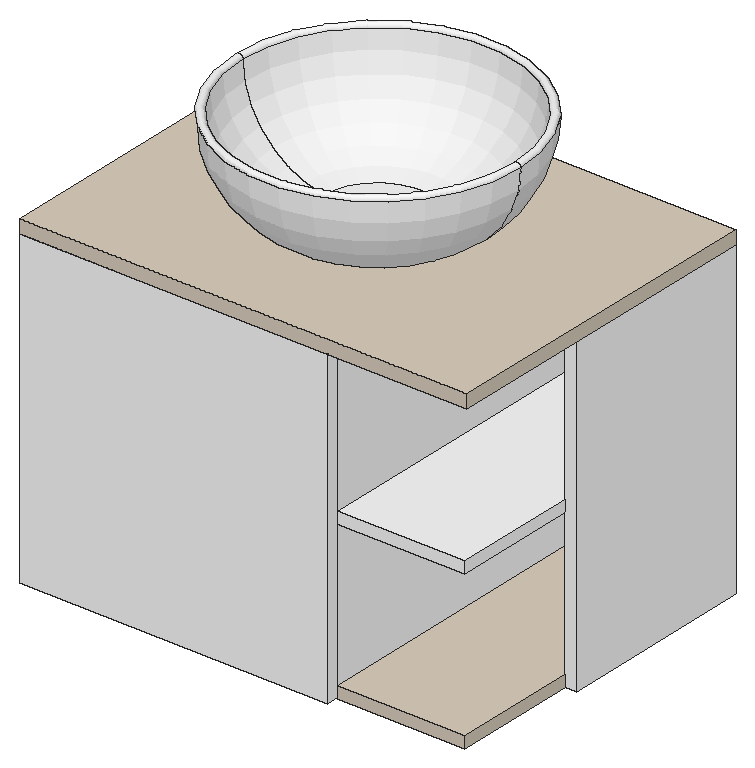
Revit family "147016821_Mueble Vital Vessel 60 cm Elevado con Lavamanos", category Furniture, Revit 2019
Family settings
  OmniClass Number = 23.31.13.11
  OmniClass Title = Single Sinks
  Work Plane-Based = No
  Always vertical = Yes
  Cut with Voids When Loaded = No
  Shared = No
  Room Calculation Point = No
Parameters
  URL = ""
  Resistencia a la humedad = "8%."  # constant formula
  Peso Neto aprox = "13,4 lb (16,4 kg)."  # constant formula
  Peso Bruto aprox = "38,1 lb (17,3 kg)."  # constant formula
  Model = "Plus Vessel 60"  # constant formula
  Material = Corona_Madera_Aglomerada_Duna
  Manufacturer = "Corona"  # constant formula
  Manija = Corona_Aluminio
  Longitud = 450 mm
  Garantía Herraje = "1 Años"  # constant formula
  Garantía = "1 Años de garantia (Madera)"  # constant formula
  Fecha de creación = "30/07/2020"  # constant formula
  Description = "Mueble Plus Vessel con acabado de pintura blanca brillante que da mayor\r\namplitud a espacios reducidos.\r\n· Repisas visibles para almacenamiento de fácil acceso.\r\n· Máxima capacidad de almacenamiento.\r\n· Lavamanos 100% en porcelana.\r\n· Resistentes a la humedad."  # constant formula
  Creado por = "IDD"  # constant formula
  Ancho = 600 mm
  Alto = 864 mm
  Acabado = Corona_Madera_Blanco
Reference planes
  plane 1 "Center (Front/Back)": y = 0
  plane 2: z = 0
  plane 3 "Center (Left/Right)": x = 0
  plane 4 "Center L/S": x = 300
  plane 5 "Center L/T": x = -300
  plane 6 "Center L/U": y = -450
  plane 7 "Center L/V": x = -285
  plane 8 "Center L/W": x = 285
  plane 9 "Center L/Y": x = 113
  plane 10 "Center L/Z": y = -435
  plane 11 "Center L/BB": y = -15
  plane 12 "Center L/CC": y = -225
  plane 13: z = 724
  plane 14: z = 301
  plane 15: z = 706
  plane 16: z = 286
  plane 17: z = 524
  plane 18: z = 424
Forms (mm)
  Extrusion 1, solid, material "Corona_Madera_Aglomerada_Duna" <- "Material", detail levels coarse
    sketch origin (0, 0, 0) x (1, 0, 0) y (0, 1, 0)
      loop
        line (-300, 0) -> (-300, -450) -> (300, -450) -> (300, 0) -> (-300, 0)
    from 286 to 724
  Extrusion 2, solid, material "Corona_Madera_Blanco" <- "Acabado", detail levels coarse
    sketch origin (0, 0, 0) x (1, 0, 0) y (0, 1, 0)
      loop
        line (-191.588, -32.5) -> (-191.588, -417.5) -> (192.162, -417.5) -> (192.162, -32.5) -> (-191.588, -32.5)
    from 724 to 864
  Extrusion 3, solid, material "Corona_Madera_Blanco" <- "Acabado", detail levels medium+fine
    sketch origin (0, 0, -26) x (1, 0, 0) y (0, 1, 0)
      loop
        line (-300, 0) -> (-300, -435) -> (-285, -435) -> (-285, 0) -> (-300, 0)
    from 312 to 732
  Extrusion 4, solid, material "Corona_Madera_Aglomerada_Duna" <- "Material", detail levels medium+fine
    sketch origin (0, 0, -26) x (1, 0, 0) y (0, 1, 0)
      loop
        line (-300, 0) -> (-300, -450) -> (300, -450) -> (300, 0) -> (-300, 0)
      loop
        circle (0, -225) r 50
    from 732 to 750
  Extrusion 5, solid, material "Corona_Madera_Blanco" <- "Acabado", detail levels medium+fine
    sketch origin (0, 0, -26) x (-1, 0, 0) y (0, -1, 0)
      loop
        line (-113, 15) -> (-98, 15) -> (-98, 435) -> (-113, 435) -> (-113, 15)
    from 327 to 732
  Extrusion 6, solid, material "Corona_Madera_Aglomerada_Duna" <- "Material", detail levels medium+fine
    sketch origin (0, 0, -26) x (1, 0, 0) y (0, 1, 0)
      loop
        line (-285, 0) -> (-285, -435) -> (285, -435) -> (285, 0) -> (-285, 0)
    from 312 to 327
  Extrusion 7, solid, material "Corona_Madera_Blanco" <- "Acabado", detail levels medium+fine
    sketch origin (0, 0, -26) x (1, 0, 0) y (0, 0, 1)
      loop
        line (-300, 732) -> (-300, 312) -> (113, 312) -> (113, 732) -> (-300, 732)
    from 435 to 450
  Extrusion 8, solid, material "Corona_Aluminio" <- "Manija", detail levels medium+fine
    sketch origin (0, 0, -26) x (1, 0, 0) y (0, 0, 1)
      loop
        circle (245.231, 678.134) r 8
      loop
        circle (245.231, 388.134) r 8
    from 15 to 20
  Extrusion 9, solid, material "Corona_Madera_Blanco" <- "Acabado", detail levels medium+fine
    sketch origin (0, 0, -26) x (1, 0, 0) y (0, 0, 1)
      loop
        line (285, 732) -> (-285, 732) -> (-285, 327) -> (285, 327) -> (285, 732)
    from 0 to 15
  Extrusion 10, solid, not visible
    sketch origin (0, 0, -26) x (1, 0, 0) y (0, 0, 1)
      loop
        circle (-87.767, 550) r 10
    from 0 to 1
  Extrusion 11, solid, not visible
    sketch origin (0, 0, -26) x (-1, 0, 0) y (0, 0, -1)
      loop
        circle (-198.767, -550) r 10
    from 0 to 1
  Extrusion 12, solid, not visible
    sketch origin (-87.767, 0, -126) x (-1, 0, 0) y (0, 0, -1)
      loop
        circle (-87.767, -550) r 10
    from 0 to 1
  Extrusion 13, solid, material "Corona_Madera_Blanco" <- "Acabado", detail levels medium+fine
    sketch origin (0, 0, 0) x (1, 0, 0) y (0, 1, 0)
      loop
        line (300, 0) -> (285, 0) -> (285, -267) -> (300, -267) -> (300, 0)
    from 286 to 706
  Extrusion 14, solid, material "Corona_Madera_Blanco" <- "Acabado", detail levels medium+fine
    sketch origin (0, 0, 184) x (1, 0, 0) y (0, 1, 0)
      loop
        line (113, -15) -> (113, -435) -> (285, -435) -> (285, -15) -> (113, -15)
    from 312 to 327
Dimensions and locks
  equal spacing: plane 5 "Center L/T", plane 3 "Center (Left/Right)", plane 4 "Center L/S"
  "Ancho": plane 5 "Center L/T" to plane 4 "Center L/S"
  "Longitud": plane 6 "Center L/U" to plane 1 "Center (Front/Back)"
  "Alto": Extrusion 2 to plane 2
  plane 15 to plane 14 = 405 mm
  plane 13 to plane 16 = 438 mm
  locked: plane 14 to plane 16 at 15
  locked: plane 13 to plane 15 at 18
  plane 9 "Center L/Y" to plane 5 "Center L/T" = 413 mm
  aligned and locked: level to plane 2
  aligned and locked: plane 3 "Center (Left/Right)" to nested 1
  aligned and locked: nested 1 to plane 12 "Center L/CC"
  aligned and locked: plane 5 "Center L/T" to Extrusion 1 sketch curve
  aligned and locked: Extrusion 1 sketch curve to plane 6 "Center L/U"
  aligned and locked: Extrusion 1 sketch curve to plane 4 "Center L/S"
  aligned and locked: plane 1 "Center (Front/Back)" to Extrusion 1 sketch curve
  aligned and locked: plane 12 "Center L/CC" to nested 4
  aligned and locked: plane 13 to Extrusion 4
  aligned and locked: Extrusion 3 to Extrusion 4
  aligned and locked: Extrusion 4 to plane 15
  aligned and locked: plane 15 to Extrusion 3
  aligned and locked: plane 15 to Extrusion 5
  aligned and locked: Extrusion 5 to plane 14
  aligned and locked: Extrusion 6 to plane 16
  aligned and locked: Extrusion 7 sketch curve to plane 15
  aligned and locked: Extrusion 9 sketch curve to plane 15
  aligned and locked: plane 14 to Extrusion 9 sketch curve
  aligned and locked: plane 13 to nested 1
  aligned and locked: Extrusion 2 to plane 13
  aligned and locked: Extrusion 1 to Extrusion 6
  aligned and locked: Extrusion 7 sketch curve to plane 9 "Center L/Y"
  aligned and locked: plane 9 "Center L/Y" to Extrusion 5 sketch curve
  aligned and locked: plane 10 "Center L/Z" to Extrusion 5 sketch curve
  aligned and locked: Extrusion 3 sketch curve to plane 10 "Center L/Z"
  aligned and locked: plane 16 to Extrusion 7 sketch curve
  aligned and locked: Extrusion 6 sketch curve to plane 10 "Center L/Z"
  aligned and locked: Extrusion 6 sketch curve to plane 8 "Center L/W"
  aligned and locked: Extrusion 13 sketch curve to plane 1 "Center (Front/Back)"
  aligned and locked: plane 4 "Center L/S" to Extrusion 13 sketch curve
  aligned and locked: Extrusion 13 sketch curve to plane 8 "Center L/W"
  aligned and locked: plane 15 to Extrusion 13
  aligned and locked: Extrusion 13 to plane 16
  aligned and locked: plane 9 "Center L/Y" to Extrusion 14 sketch curve
  aligned and locked: plane 11 "Center L/BB" to Extrusion 14 sketch curve
  aligned and locked: Extrusion 5 sketch curve to plane 11 "Center L/BB"
  aligned and locked: Extrusion 8 to Extrusion 9
  aligned and locked: plane 4 "Center L/S" to nested 3
  aligned and locked: nested 3 to plane 16
  aligned and locked: nested 4 to plane 16
  aligned and locked: plane 7 "Center L/V" to Extrusion 6 sketch curve
  aligned and locked: Extrusion 3 to plane 16
Automatic sketch dimensions
  Extrusion 2 sketch curve to plane 10 "Center L/Z" = 17.5 mm
  plane 7 "Center L/V" to Extrusion 2 sketch curve = 93.412 mm
  plane 9 "Center L/Y" to Extrusion 2 sketch curve = 79.162 mm
  plane 11 "Center L/BB" to Extrusion 2 sketch curve = 17.5 mm
  Extrusion 3 sketch curve to plane 5 "Center L/T" = 0 mm
  Extrusion 3 sketch curve to plane 7 "Center L/V" = 0 mm
  plane 1 "Center (Front/Back)" to Extrusion 3 sketch curve = 0 mm
  Extrusion 4 sketch curve to plane 5 "Center L/T" = 0 mm
  Extrusion 4 sketch curve to plane 3 "Center (Left/Right)" = 0 mm
  plane 1 "Center (Front/Back)" to Extrusion 4 sketch curve = 0 mm
  Extrusion 4 sketch curve to plane 4 "Center L/S" = 0 mm
  plane 6 "Center L/U" to Extrusion 4 sketch curve = 0 mm
  plane 12 "Center L/CC" to Extrusion 4 sketch curve = 0 mm
  Extrusion 5 sketch curve to Extrusion 5 sketch curve = 15 mm
  plane 1 "Center (Front/Back)" to Extrusion 6 sketch curve = 0 mm
  Extrusion 7 sketch curve to plane 5 "Center L/T" = 0 mm
  Extrusion 9 sketch curve to plane 7 "Center L/V" = 0 mm
  Extrusion 9 sketch curve to plane 8 "Center L/W" = 0 mm
  Extrusion 10 sketch curve to plane 17 = 0 mm
  Extrusion 10 sketch curve to plane 3 "Center (Left/Right)" = 87.767 mm
  Extrusion 11 sketch curve to plane 17 = 0 mm
  Extrusion 11 sketch curve to plane 9 "Center L/Y" = 85.767 mm
  Extrusion 12 sketch curve to plane 3 "Center (Left/Right)" = 0 mm
  Extrusion 12 sketch curve to plane 18 = 0 mm
  plane 12 "Center L/CC" to Extrusion 13 sketch curve = 42 mm
  Extrusion 14 sketch curve to plane 8 "Center L/W" = 0 mm
  plane 10 "Center L/Z" to Extrusion 14 sketch curve = 0 mm
  Extrusion 8 sketch curve to plane 8 "Center L/W" = 39.769 mm  (x2)
  plane 14 to Extrusion 8 sketch curve = 61.134 mm
  Extrusion 8 sketch curve to plane 15 = 53.866 mm
  radius of Extrusion 4 sketch curve = 50 mm
  radius of Extrusion 10 sketch curve = 10 mm
  radius of Extrusion 11 sketch curve = 10 mm
  radius of Extrusion 12 sketch curve = 10 mm
  radius of Extrusion 8 sketch curve = 8 mm  (x2)
Nested families
  nested 1: "Lavamanos spazio 60" at (0, -37.5, 863.414), type "Lavamanos spazio 60", detail levels medium+fine
  nested 2: "planta1" at (0, -225, 0), type "planta1"
  nested 3: "Front1" at (0, 0, 349) x (1, 0, 0) z (0, -1, 0), type "Front1"
  nested 4: "Lateral2" at (0, -225, 349) x (0, 1, 0) z (1, 0, 0), type "Lateral2"
Connectors
  piping at (198.767, 0, 524), diameter 12.7
    settings: on Extrusion 11, index 5, connector inside diameter 609.6 mm, connector length 0 mm, flow factor 0, pipe flow 0.0 L/s, pressure drop 0.0 Pa, fitting loss kfactor 0, connector angle 0.00°, fixture units 0, engagement length 0 mm, angle of deflection 0.00°, flow configuration 0, flow direction 0, fitting loss method 0, system type 20, joint type 0, gender type 0, connector reference index -1, connector utility 0, adjustable connector no, is connector primary yes, connector description ""
  piping at (-87.767, 0, 524), diameter 12.7
    settings: on Extrusion 10, index 6, connector inside diameter 609.6 mm, connector length 0 mm, flow factor 0, pipe flow 0.0 L/s, pressure drop 0.0 Pa, fitting loss kfactor 0, connector angle 0.00°, fixture units 0, engagement length 0 mm, angle of deflection 0.00°, flow configuration 0, flow direction 0, fitting loss method 0, system type 19, joint type 0, gender type 0, connector reference index -1, connector utility 0, adjustable connector no, is connector primary no, connector description ""
  piping at (0, 0, 424), diameter 38.1
    settings: on Extrusion 12, index 7, connector inside diameter 609.6 mm, connector length 0 mm, flow factor 0, pipe flow 0.0 L/s, pressure drop 0.0 Pa, fitting loss kfactor 0, connector angle 0.00°, fixture units 0, engagement length 0 mm, angle of deflection 0.00°, flow configuration 0, flow direction 0, fitting loss method 0, system type 16, joint type 0, gender type 0, connector reference index -1, connector utility 0, adjustable connector no, is connector primary no, connector description ""
  piping at (0, -225, 724), diameter 38.1
    settings: on nested 1, index 8, connector inside diameter 609.6 mm, connector length 0 mm, flow factor 0, pipe flow 0.0 L/s, pressure drop 0.0 Pa, fitting loss kfactor 0, connector angle 0.00°, fixture units 0, engagement length 0 mm, angle of deflection 0.00°, flow configuration 0, flow direction 0, fitting loss method 0, system type 16, joint type 0, gender type 0, connector reference index -1, connector utility 0, adjustable connector no, is connector primary no, connector description ""
Definition of nested family "Lavamanos spazio 60"
  Parameters (values of type "Lavamanos spazio 60")
    Material = none
    Longitud = 375 mm
    Ancho = 375 mm
  Reference planes
    plane 1 "Center (Front/Back)": y = 0
    plane 2: z = 0
    plane 3 "Center (Left/Right)": x = 0
    plane 4 "Center L/S": x = 187.5
    plane 5 "Center L/T": x = -187.5
    plane 6: z = -140
    plane 7 "Center L/U": y = -375
    plane 8: y = -187.5
  Forms (mm)
    Sweep 1, solid, material <- "Material"
      path origin (0, 0, 0) x (1, 0, 0) y (0, 1, 0)
        loop
          circle (0, -187.5) r 187.5
      profile origin (0, 0, 0) x (0, -1, 0) y (0, 0, 1)
        loop
          arc (5.929, -4.966) -> (0.921, 0.043) -> (-4.088, -4.966) r 5.009
          arc (-4.088, -4.966) -> (30.182, -94.981) -> (115.64, -139.414) r 135.353
          line (115.64, -139.414) -> (150.806, -139.414) -> (150.806, -129.414) -> (116.31, -129.414)
          arc (116.31, -129.414) -> (37.501, -88.14) -> (5.929, -4.966) r 125.345
  Dimensions and locks
    equal spacing: plane 5 "Center L/T", plane 3 "Center (Left/Right)", plane 4 "Center L/S"
    "Ancho": plane 5 "Center L/T" to plane 4 "Center L/S"
    locked: plane 2 to plane 6 at 140
    "Longitud": plane 7 "Center L/U" to plane 1 "Center (Front/Back)"
    equal spacing: plane 7 "Center L/U", plane 8, plane 1 "Center (Front/Back)"
    aligned and locked: level to plane 2
  Automatic sketch dimensions
    Sweep 1 sketch curve to plane 3 "Center (Left/Right)" = 0 mm
    Sweep 1 sketch curve to plane 8 = 0 mm
    Sweep 1 sketch curve to profile plane = 0.921 mm
    Sweep 1 sketch curve to profile plane = 115.64 mm
    Sweep 1 sketch curve to Sweep 1 sketch curve = 0.671 mm
    Sweep 1 sketch curve to level = 4.966 mm
    Sweep 1 sketch curve to Sweep 1 sketch curve = 14.955 mm
    Sweep 1 sketch curve to Sweep 1 sketch curve = 0.009 mm
    Sweep 1 sketch curve to Sweep 1 sketch curve = 35.166 mm
    Sweep 1 sketch curve to Sweep 1 sketch curve = 124.448 mm
    Sweep 1 sketch curve to Sweep 1 sketch curve = 10 mm
    Sweep 1 sketch curve to Sweep 1 sketch curve = 0 mm
    radius of Sweep 1 sketch curve = 187.5 mm
  Nested families
    nested 1: "Canastilla" at (0, -187.5, -154.729), type "Canastilla"
  Definition of nested family "Canastilla"
    Parameters (values of type "Canastilla")
      Material = none
    Reference planes
      plane 1 "Center (Front/Back)": y = 0
      plane 2: z = 0
      plane 3 "Center (Left/Right)": x = 0
    Forms (mm)
      Revolve 1, solid
        sketch origin (0, 0, 0) x (1, 0, 0) y (0, 0, 1)
          loop
            line (-26.595, 26.918) -> (-38.5, 26.918) -> (-38.5, 25.314) -> (-36.628, 25.314) -> (-36.628, 24.512) -> (-33.153, 24.512) -> (-33.153, 21.838) -> (-30.977, 15.519) -> (-28.87, 15.147) -> (-28.87, 11.939) -> (-27.713, 11.27) -> (-27.713, 9.934) -> (-26.865, 9.934) -> (-26.865, 7.388) -> (-17.652, 3.286) -> (-16.315, 3.286) -> (-15.184, 0) -> (0, 0) -> (0, 21.204) -> (-5.81, 21.204)
            arc (-5.81, 21.204) -> (-6.163, 21.058) -> (-6.31, 20.704) r 0.5
            line (-6.31, 20.704) -> (-6.31, 19.645)
            arc (-6.31, 19.645) -> (-6.163, 19.292) -> (-5.81, 19.145) r 0.5
            line (-5.81, 19.145) -> (-3.119, 19.145) -> (-3.119, 18.241) -> (-4.218, 18.241) -> (-4.821, 14.686) -> (-19.481, 14.686)
            arc (-19.481, 14.686) -> (-20.699, 15.099) -> (-21.413, 16.168) r 2
            line (-21.413, 16.168) -> (-23.698, 24.695)
            arc (-23.698, 24.695) -> (-24.769, 26.298) -> (-26.595, 26.918) r 3
          axis (0, 26.918) -> (0, 0)
        angle from 0 to 360
    Dimensions and locks
      aligned and locked: level to plane 2
      aligned and locked: Revolve 1 sketch curve to plane 3 "Center (Left/Right)"
      aligned and locked: Revolve 1 sketch curve to plane 2
Definition of nested family "planta1"
  Parameters (values of type "planta1")
    Longitud = 450 mm
    Ancho = 600 mm
  Reference planes
    plane 1 "Center (Front/Back)": y = 0
    plane 2: z = 0
    plane 3 "Center (Left/Right)": x = 0
    plane 4 "Center (F/C": x = 300
    plane 5 "Center (F/D": x = -300
    plane 6 "Center (F/E": y = -225
    plane 7 "Center (F/F": y = 225
  Lines and regions (mm)
    detail lines, in view "Ref. Level"
      curve 1: line (-300, 225, 0) -> (300, 225, 0)
      curve 2: line (-300, -225, 0) -> (-300, 225, 0)
      curve 3: line (300, -225, 0) -> (-300, -225, 0)
      curve 4: line (300, 225, 0) -> (300, -225, 0)
      curve 5: circle (0, 0, 0) r 191.588 normal (0, 0, 1)
      curve 6: circle (0, 0, 0) r 181.577 normal (0, 0, 1)
      curve 7: circle (0, 0, 0) r 38.5 normal (0, 0, 1)
      curve 8: circle (0, 0, 0) r 17.652 normal (0, 0, 1)
  Dimensions and locks
    equal spacing: plane 5 "Center (F/D", plane 3 "Center (Left/Right)", plane 4 "Center (F/C"
    "Ancho": plane 5 "Center (F/D" to plane 4 "Center (F/C"
    equal spacing: plane 6 "Center (F/E", plane 1 "Center (Front/Back)", plane 7 "Center (F/F"
    "Longitud": plane 6 "Center (F/E" to plane 7 "Center (F/F"
  Automatic sketch dimensions
    curve 5 to curve 6 = 0 mm  (x2)
    curve 5 to curve 7 = 0 mm
    curve 5 to curve 8 = 0 mm
    curve 6 to curve 7 = 0 mm
    curve 7 to curve 8 = 0 mm
    curve 3 to plane 5 "Center (F/D" = 0 mm
    curve 7 to plane 3 "Center (Left/Right)" = 0 mm
    curve 3 to plane 4 "Center (F/C" = 0 mm
    curve 5 to plane 6 "Center (F/E" = 225 mm
    curve 1 to plane 1 "Center (Front/Back)" = 225 mm
    plane 6 "Center (F/E" to curve 2 = 0 mm
    radius of curve 5 = 191.588 mm
    radius of curve 6 = 181.577 mm
    radius of curve 7 = 38.5 mm
    radius of curve 8 = 17.652 mm
Definition of nested family "Front1"
  Parameters (values of type "Front1")
    Longitud = 438 mm
    Ancho = 600 mm
  Reference planes
    plane 1: z = 0
    plane 2 "Center (Left/Right)": x = 113
    plane 3 "Center (F/C": x = 300
    plane 4 "Center (F/D": x = -300
    plane 5 "Center (F/F": y = 375
    plane 6 "Center (F/G": y = -63
  Lines and regions (mm)
    detail lines, in view "Ref. Level"
      curve 1: line (-300, 375, 0) -> (300, 375, 0)
      curve 2: line (-300, 360, 0) -> (-300, 375, 0)
      curve 3: line (300, 360, 0) -> (-300, 360, 0)
      curve 4: line (300, 375, 0) -> (300, 360, 0)
      curve 5: line (-300, -63, 0) -> (300, -63, 0)
      curve 6: line (-300, -48, 0) -> (-300, -63, 0)
      curve 7: line (300, -48, 0) -> (113, -48, 0)
      curve 8: line (300, -63, 0) -> (300, -48, 0)
      curve 9: line (-300, 360, 0) -> (-285, 360, 0)
      curve 10: line (-300, -48, 0) -> (-300, 360, 0)
      curve 11: line (-285, -48, 0) -> (-300, -48, 0)
      curve 12: line (300, 360, 0) -> (285, 360, 0)
      curve 13: line (300, -48, 0) -> (300, 360, 0)
      curve 14: line (285, -48, 0) -> (300, -48, 0)
      curve 15: line (285, 360, 0) -> (285, -48, 0)
      curve 16: line (113, 360, 0) -> (113, -63, 0)
      curve 17: line (-187.5, 515, 0) -> (187.5, 515, 0)
      curve 18: line (-71.85, 375, 0) -> (71.85, 375, 0)
      curve 19: arc (-187.5, 515, 0) -> (-157.008, 422.421, 0) -> (-71.85, 375, 0) r 133.99
      curve 20: arc (187.5, 515, 0) -> (157.008, 422.421, 0) -> (71.85, 375, 0) r 133.99
      curve 21: line (113, 141, 0) -> (285, 141, 0)
      curve 22: line (285, 156, 0) -> (113, 156, 0)
      curve 23: circle (245.2, 306.1, 0) r 8 normal (0, 0, -1)
      curve 24: circle (245.2, 13.1, 0) r 8 normal (0, 0, -1)
  Dimensions and locks
    "Ancho": plane 4 "Center (F/D" to plane 3 "Center (F/C"
    "Longitud": plane 6 "Center (F/G" to plane 5 "Center (F/F"
    plane 6 "Center (F/G" to plane 5 "Center (F/F" = 438 mm
    plane 4 "Center (F/D" to plane 2 "Center (Left/Right)" = 413 mm
    aligned and locked: curve 16 to plane 2 "Center (Left/Right)"
  Automatic sketch dimensions
    curve 1 to plane 4 "Center (F/D" = 0 mm
    plane 5 "Center (F/F" to curve 18 = 0 mm
    curve 12 to plane 3 "Center (F/C" = 0 mm
    plane 6 "Center (F/G" to curve 5 = 0 mm
    plane 5 "Center (F/F" to curve 1 = 0 mm
    plane 4 "Center (F/D" to curve 17 = 112.5 mm
    curve 17 to curve 18 = 115.65 mm
    curve 19 to plane 5 "Center (F/F" = 132.756 mm
    curve 17 to curve 19 = 133.794 mm
    curve 20 to plane 2 "Center (Left/Right)" = 59.294 mm
    curve 18 to plane 2 "Center (Left/Right)" = 41.15 mm
    plane 2 "Center (Left/Right)" to curve 17 = 74.5 mm
    curve 24 to plane 3 "Center (F/C" = 54.8 mm
    curve 23 to plane 3 "Center (F/C" = 54.8 mm
    curve 15 to curve 7 = 15 mm
    curve 8 to plane 6 "Center (F/G" = 15 mm
    curve 11 to plane 6 "Center (F/G" = 15 mm
    curve 14 to curve 24 = 61.1 mm
    plane 5 "Center (F/F" to curve 23 = 68.9 mm
    plane 5 "Center (F/F" to curve 12 = 15 mm
    plane 4 "Center (F/D" to curve 9 = 15 mm
    plane 4 "Center (F/D" to curve 11 = 15 mm
    curve 24 to curve 21 = 127.9 mm
    curve 21 to curve 22 = 15 mm
    radius of curve 23 = 8 mm
    radius of curve 24 = 8 mm
Definition of nested family "Lateral2"
  Parameters (values of type "Lateral2")
    Longitud = 438 mm
    Ancho = 453 mm
  Reference planes
    plane 1: z = 0
    plane 2 "Center (Left/Right)": x = 0
    plane 3 "Center (F/C": x = 226.5
    plane 4 "Center (F/D": x = -226.5
    plane 5 "Center (F/F": y = 375
    plane 6 "Center (F/G": y = -63
    plane 7 "Center (F/H": x = -43.5
  Lines and regions (mm)
    detail lines, in view "Ref. Level"
      curve 1: line (-226.5, 375, 0) -> (225, 375, 0)
      curve 2: line (-226.5, 357, 0) -> (-226.5, 375, 0)
      curve 3: line (225, 357, 0) -> (-226.5, 357, 0)
      curve 4: line (225, 375, 0) -> (225, 357, 0)
      curve 5: line (-226.5, -63, 0) -> (225, -63, 0)
      curve 6: line (-226.5, -48, 0) -> (-226.5, -63, 0)
      curve 7: line (-43.5, -48, 0) -> (-226.5, -48, 0)
      curve 8: line (225, -63, 0) -> (225, -48, 0)
      curve 9: line (-226.5, 357, 0) -> (-211.5, 357, 0)
      curve 10: line (-226.5, -48, 0) -> (-226.5, 357, 0)
      curve 11: line (-211.5, -48, 0) -> (-226.5, -48, 0)
      curve 12: line (-211.5, 357, 0) -> (-211.5, -48, 0)
      curve 13: line (225, 357, 0) -> (210, 357, 0)
      curve 14: line (225, -48, 0) -> (225, 357, 0)
      curve 15: line (210, 357, 0) -> (210, -63, 0)
      curve 16: line (-187.5, 515, 0) -> (187.5, 515, 0)
      curve 17: line (-71.85, 375, 0) -> (71.85, 375, 0)
      curve 18: arc (-187.5, 515, 0) -> (-157.008, 422.421, 0) -> (-71.85, 375, 0) r 133.99
      curve 19: arc (187.5, 515, 0) -> (157.008, 422.421, 0) -> (71.85, 375, 0) r 133.99
      curve 20: line (-43.5, 357, 0) -> (-43.5, -63, 0)
      curve 21: line (-211.5, 162, 0) -> (-43.5, 162, 0)
      curve 22: line (-211.5, 147, 0) -> (-43.5, 147, 0)
  Dimensions and locks
    equal spacing: plane 4 "Center (F/D", plane 2 "Center (Left/Right)", plane 3 "Center (F/C"
    "Ancho": plane 4 "Center (F/D" to plane 3 "Center (F/C"
    "Longitud": plane 6 "Center (F/G" to plane 5 "Center (F/F"
    plane 4 "Center (F/D" to plane 7 "Center (F/H" = 183 mm
    aligned and locked: plane 4 "Center (F/D" to curve 10
  Automatic sketch dimensions
    plane 5 "Center (F/F" to curve 18 = 0 mm
    curve 21 to plane 7 "Center (F/H" = 0 mm
    plane 5 "Center (F/F" to curve 4 = 0 mm
    plane 6 "Center (F/G" to curve 5 = 0 mm
    curve 6 to curve 12 = 15 mm
    plane 4 "Center (F/D" to curve 16 = 39 mm
    curve 17 to plane 7 "Center (F/H" = 28.35 mm
    curve 18 to plane 7 "Center (F/H" = 10.206 mm
    plane 2 "Center (Left/Right)" to curve 19 = 53.706 mm
    plane 2 "Center (Left/Right)" to curve 17 = 71.85 mm
    curve 16 to plane 3 "Center (F/C" = 39 mm
    curve 13 to plane 3 "Center (F/C" = 16.5 mm
    curve 4 to plane 3 "Center (F/C" = 1.5 mm
    curve 11 to plane 6 "Center (F/G" = 15 mm
    curve 8 to plane 6 "Center (F/G" = 15 mm
    curve 10 to curve 1 = 18 mm
    curve 19 to plane 5 "Center (F/F" = 132.756 mm
    curve 11 to curve 22 = 195 mm
    curve 22 to curve 21 = 15 mm
